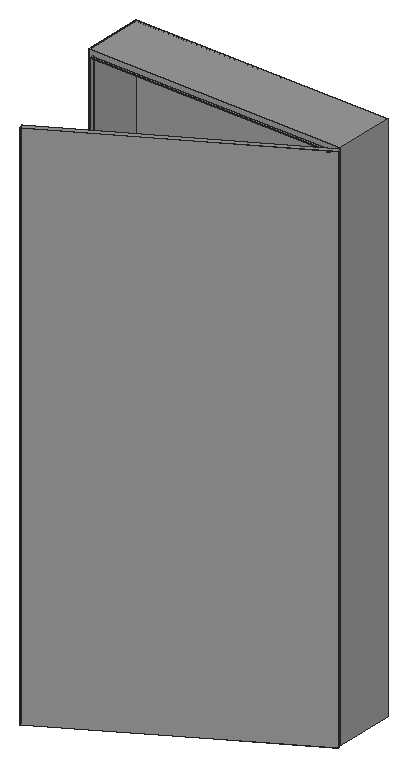
Revit family "Hager-Univers-IP54-D205-H1700-Cl.I-Encl-NoHosted-CH-it", category Electrical Equipment, Revit 2020
Family settings
  Panel Configuration = Two Columns, Circuits Across
  Round Connector Dimension = Use Diameter
  Part Type = Panelboard
  Work Plane-Based = Yes
  Always vertical = Yes
  Cut with Voids When Loaded = No
  Shared = No
  Room Calculation Point = No
Parameters (values of type "A parete IP54 L800 A1700 P205  - FP13TW2")
  Width Control [instance] = if([EF000008 - Larghezza] > Min Width, [EF000008 - Larghezza], Min Width)  # 800 mm
  Type Comments = [HG000003 - Gamma]  # "Univers"
  Thickness Door [instance] = if([EF009171 - spessore materiale porta/coperchio] > 3 mm, 3 mm, [EF009171 - spessore materiale porta/coperchio])  # 1 mm
  Seal Frame Offset [instance] = 17 mm  # constant formula
  Plinth Visibility [instance] = [HG000027 - Altezza dello zoccolo] > 0 mm  # no
  Min Width [instance] = 100 mm  # constant formula
  Min Depth [instance] = (2 * [EF009170 - spessore materiale scatola]) + 1 mm  # 3 mm
  Min Height [instance] = 100 mm  # constant formula
  Internal Frame Depth [instance] = (Door System Depth * 0.5)  # 9 mm
  Panel Name [instance] = ""  # (empty or 0)
  Model = ""
  HG000027 - Altezza dello zoccolo = 0 mm
  HG000026 - A pavimento = no
  HG000024 - Altezza della sezione inferiore = 600 mm
  HG000023 - Custodia a doppia sezione = no
  HG000016 - Visibilità delle porte nella vista 3D [instance] = yes
  HG000015 - Visibilità attraverso la porta [instance] = no
  HG000014 - Porta destra [instance] = yes
  HG000013 - Porta sinistra [instance] = not([HG000014 - Porta destra])  # no
  HG000012 - Angolo di apertura della porta [instance] = 30.00°
  HG000010 - Porte asimmetriche = no
  HG000009 - Porta doppia a battente = no
  HG000006 - Ad incasso = no
  HG000004 - Codice produttore = "FP13TW2"
  HG000003 - Gamma = "Univers"
  HG000002 - Con porta = yes
  Frame Offset Bottom [instance] = 10 mm  # constant formula
  Frame Offset [instance] = 15 mm  # constant formula
  EF015940 - Coprire con rilascio di sovrapressione = no
  EF011959 - tipo di protezione (NEMA) = ""
  EF009554 - numero delle aperture per la piastra della flangia = 6
  EF009212 - esecuzione coperchio = "EV000116 - chiuso"
  EF009171 - spessore materiale porta/coperchio = 1 mm
  EF009170 - spessore materiale scatola = 1 mm
  EF008873 - corrente nominale (In) = 400 A
  EF007800 - adatto per parafulmine = no
  EF006306 - con serratura = no
  EF006244 - coperchio/porta trasparente = no
  EF005474 - grado di protezione (IP) = "EV006419 - IP54"
  EF004464 - tipo di porta = "EV002646 - singolo"
  EF004427 - numero di moduli = 396
  EF004293 - resistenza agli urti = "EV006815 - IK09"
  EF003532 - adatto per uso esterno = no
  EF002950 - Numero moduli DIN = 36
  EF001613 - Integrità del circuito = "EV000494 - senza"
  EF001596 - Attacco Lampada = "EV000179 - acciaio"
  EF001131 - profondità interna = 205 mm
  EF001088 - possibilità di applicazione = yes
  EF000437 - numero di ingressi per conduttori = 6
  EF000339 - tipo di copertura = "EV001012 - coperchio"
  EF000266 - numero di file = 11
  EF000218 - profondità di incasso = 205 mm
  EF000118 - con piastra di montaggio = no
  EF000116 - numero RAL = "9010"
  EF000049 - profondità = 205 mm
  EF000040 - Altezza = 1700 mm
  EF000008 - Larghezza = 800 mm
  EF000007 - colore = "EV000202 - bianco"
  EF000003 - Tipo di montaggio = "EV000384 - A parete"
  Door System Leaf Tolerance [instance] = 1.5 mm  # constant formula
  Door System Depth [instance] = 18 mm  # constant formula
  Door Height [instance] = Height Control - [HG000027 - Altezza dello zoccolo]  # 1700 mm
  Description = ""
  Default Elevation = 1219.2 mm
  Connector Offset [instance] = Height Control / 2  # 850 mm
  Manufacturer = "Hager"  # constant formula
  Height Control [instance] = if([EF000040 - Altezza] > Min Height, [EF000040 - Altezza], Min Height)  # 1700 mm
  Depth Control [instance] = if([EF000049 - profondità] > Min Depth, [EF000049 - profondità], Min Depth)  # 205 mm
  Bottom Top Plate Trim [instance] = 1.5 mm  # constant formula
  Plinth height Ctrl [instance] = if([HG000027 - Altezza dello zoccolo] > 0 mm, [HG000027 - Altezza dello zoccolo], 12 mm)  # 12 mm
Types (5, lengths in mm): name | Width Control | HG000009 - Porta doppia a battente | HG000004 - Codice produttore | EF009554 - numero delle aperture per la piastra della flangia | EF008873 - corrente nominale (In) | EF004464 - tipo di porta | EF004427 - numero di moduli | EF002950 - Numero moduli DIN | EF000437 - numero di ingressi per conduttori | EF000008 - Larghezza
  A parete IP54 L1050 A1700 P205  - FP14TW2 | 1050 | yes | "FP14TW2" | 8 | 400 A | "EV003602 - doppio" | 528 | 48 | 8 | 1050
  A parete IP54 L1300 A1700 P205  - FP15TW2 | 1300 | no | "FP15TW2" | 10 | 400 A | "EV003602 - doppio" | 660 | 60 | 10 | 1300
  A parete IP54 L300 A1700 P205  - FP11TW2 | 300 | no | "FP11TW2" | 2 | 250 A | "EV002646 - singolo" | 132 | 12 | 2 | 300
  A parete IP54 L550 A1700 P205  - FP12TW2 | 550 | no | "FP12TW2" | 4 | 250 A | "EV002646 - singolo" | 264 | 24 | 4 | 550
  A parete IP54 L800 A1700 P205  - FP13TW2 | 800 | no | "FP13TW2" | 6 | 400 A | "EV002646 - singolo" | 396 | 36 | 6 | 800
Reference planes
  plane 1 "Center (Front/Back)": y = 0
  plane 2: z = 0
  plane 3 "Center (Left/Right)": x = 0
  plane 4: y = 0
  plane 5: y = 0
  plane 6: z = 0
  plane 7: x = -400
  plane 8: x = 400
  plane 9: x = 399
  plane 10: x = -399
  plane 11: z = 0
  plane 12: z = 1
  plane 13: y = -205
  plane 14: y = -1
  plane 15: x = 0
  plane 16: y = -187
  plane 17: y = -204
  plane 18: y = -186
  plane 19: x = -384
  plane 20: x = 384
  plane 21: z = 11
  plane 22: x = -383
  plane 23: x = 383
  plane 24: z = 0
  plane 25: z = 1700
  plane 26: z = 1700
  plane 27: z = 1684
  plane 28: z = 1699
Forms (mm)
  Extrusion 1, solid, material "Hager_Steel_RAL7035_Light_Grey", detail levels medium+fine
    sketch origin (-208.679, -4572, 0) x (-1, 0, 0) y (0, -1, 0)
      loop
        line (191.321, -4385) -> (-608.679, -4385) -> (-608.679, -4572) -> (191.321, -4572) -> (191.321, -4385)
    from 0 to 1700
  Extrusion 2, void
    sketch origin (-350.771, -205, 1219.2) x (1, 0, 0) y (0, 0, 1)
      loop
        line (-48.229, 479.8) -> (-48.229, -1218.2) -> (749.771, -1218.2) -> (749.771, 479.8) -> (-48.229, 479.8)
    from -19 to -204
  Extrusion 3, void
    sketch origin (-290.084, -187, 1219.2) x (1, 0, 0) y (0, 0, 1)
      loop
        line (-93.916, -1208.2) -> (674.084, -1208.2) -> (674.084, 464.8) -> (-93.916, 464.8) -> (-93.916, -1208.2)
    from 0 to -1
  Extrusion 4, solid, material "Hager_Steel_RAL7035_Light_Grey", visible <- "Plinth Visibility", detail levels medium+fine
    sketch origin (0, 0, 0) x (1, 0, 0) y (0, 1, 0)
      loop
        line (-400, 0) -> (-400, -187) -> (400, -187) -> (400, 0) -> (-400, 0)
    from 0 to 12 <- "Plinth height Ctrl"
  Extrusion 5, solid, material "Hager_Steel_RAL7035_Light_Grey", detail levels coarse
    sketch origin (0, 0, 0) x (1, 0, 0) y (0, 1, 0)
      loop
        line (-400, 0) -> (-400, -205) -> (400, -205) -> (400, 0) -> (-400, 0)
    from 0 to 1700 <- "Height Control"
  Sweep 6, void
    path in 3D
      loop
        line (-400, -187, 12) -> (400, -187, 12) -> (400, 0, 12) -> (-400, 0, 12) -> (-400, -187, 12)
    profile origin (-400, -93.5, 12) x (1, 0, 0) y (0, 0, 1)
      loop
        line (0, 0) -> (0, -1.5) -> (1.5, -1.5)
        arc (1.5, -1.5) -> (1.061, -0.439) -> (0, 0) r 1.5
  Extrusion 7, solid, material "Hager_Steel_RAL7035_Light_Grey", detail levels fine
    sketch origin (-400, -187, 0) x (1, 0, 0) y (0, 0, 1)
      loop
        line (16, 11) -> (784, 11) -> (784, 1684) -> (16, 1684) -> (16, 11)
      loop
        line (15, 10) -> (785, 10) -> (785, 1685) -> (15, 1685) -> (15, 10)
    from 0 to 9 <- "Internal Frame Depth"
Cuts and joins
  Extrusion 2, Extrusion 3 cuts Extrusion 1
  Sweep 6 cuts Extrusion 4
Lines and regions (mm)
  Masking region 1
    outline origin (0, 0, 0) x (1, 0, 0) y (0, 1, 0)
      loop
        line (-400, 0) -> (-400, -205) -> (400, -205) -> (400, 0) -> (-400, 0)
  Masking region 2, detail levels coarse
    outline origin (-290.084, -187, 1219.2) x (-1, 0, 0) y (0, 0, 1)
      loop
        line (-690.084, -1219.2) -> (109.916, -1219.2) -> (109.916, 480.8) -> (-690.084, 480.8) -> (-690.084, -1219.2)
  Masking region 3, detail levels coarse
    outline origin (0, 0, 0) x (0, 1, 0) y (0, 0, 1)
      loop
        line (0, 0) -> (0, 1700) -> (-205, 1700) -> (-205, 0) -> (0, 0)
  Masking region 4, visible <- "Plinth Visibility", detail levels medium+fine
    outline origin (0, 0, 0) x (0, 1, 0) y (0, 0, 1)
      loop
        line (-1.5, 12) -> (-185.5, 12)
        arc (-185.5, 12) -> (-185.939, 10.939) -> (-187, 10.5) r 1.5
        line (-187, 10.5) -> (-187, 0) -> (0, 0) -> (0, 10.5)
        arc (0, 10.5) -> (-1.061, 10.939) -> (-1.5, 12) r 1.5
  Masking region 5, detail levels medium+fine
    outline origin (0, 0, 594.038) x (0, 1, 0) y (0, 0, 1)
      loop
        line (0, -594.038) -> (0, 1105.962) -> (-187, 1105.962) -> (-187, -594.038) -> (0, -594.038)
  Masking region 6, detail levels medium+fine
    outline origin (-359.7, -187, 1211.883) x (-1, 0, 0) y (0, 0, 1)
      loop
        line (-759.7, -1211.883) -> (40.3, -1211.883) -> (40.3, 488.117) -> (-759.7, 488.117) -> (-759.7, -1211.883)
  Masking region 7, visible <- "Plinth Visibility", detail levels medium+fine
    outline origin (-320.334, -187, 1041.368) x (-1, 0, 0) y (0, 0, 1)
      loop
        line (-720.334, -1041.368) -> (79.666, -1041.368) -> (79.666, -1030.868)
        arc (79.666, -1030.868) -> (78.606, -1030.429) -> (78.166, -1029.368) r 1.5
        line (78.166, -1029.368) -> (-718.834, -1029.368)
        arc (-718.834, -1029.368) -> (-719.273, -1030.429) -> (-720.334, -1030.868) r 1.5
        line (-720.334, -1030.868) -> (-720.334, -1041.368)
  sketch lines
    curve 1: line (-400, 0, 12) -> (-400, -187, 12)
    curve 2: line (-400, -187, 12) -> (400, -187, 12)
    curve 3: line (400, 0, 12) -> (-400, 0, 12)
    curve 4: line (400, -187, 12) -> (400, 0, 12)
Dimensions and locks
  locked: plane 1 "Center (Front/Back)" to plane 5
  "EF009170 - spessore materiale scatola": plane 7 to plane 10
  "EF009170 - spessore materiale scatola": plane 8 to plane 9
  equal spacing: plane 7, plane 3 "Center (Left/Right)", plane 8
  "Width Control": plane 7 to plane 8
  "Depth Control": plane 4 to plane 13
  "EF009170 - spessore materiale scatola": plane 4 to plane 14
  "Height Control": plane 25 to level
  "HG000027 - Altezza dello zoccolo": plane 11 to level
  "EF009170 - spessore materiale scatola": plane 12 to plane 11
  "EF009170 - spessore materiale scatola": plane 17 to plane 13
  "EF009170 - spessore materiale scatola": plane 18 to plane 16
  "Frame Offset Bottom": plane 21 to plane 12
  "Frame Offset": plane 10 to plane 19
  "Frame Offset": plane 9 to plane 20
  "Door System Depth": plane 16 to plane 13
  "Seal Frame Offset": plane 7 to plane 22
  "Seal Frame Offset": plane 8 to plane 23
  "EF009170 - spessore materiale scatola": plane 26 to plane 28
  "Frame Offset": plane 28 to plane 27
  "Connector Offset": plane 2 to connector elem
  "Bottom Top Plate Trim": profile plane to Sweep 6 sketch curve
  "Bottom Top Plate Trim": Sweep 6 sketch curve to Sweep 6 sketch curve
  "Plinth height Ctrl": Masking region 4 sketch curve to level
  "Plinth height Ctrl": Masking region 7 sketch curve to level
  "Thickness Door": Extrusion 7 sketch curve to Extrusion 7 sketch curve  (x4)
  "Bottom Top Plate Trim": radius of Sweep 6 sketch curve
  "Bottom Top Plate Trim": radius of Masking region 4 sketch curve  (x2)
  "Bottom Top Plate Trim": radius of Masking region 7 sketch curve  (x2)
  aligned and locked: Extrusion 2 sketch curve to plane 12
  aligned and locked: Extrusion 2 sketch curve to plane 9
  aligned and locked: Extrusion 2 sketch curve to plane 10
  aligned and locked: Extrusion 2 to plane 14
  aligned and locked: Extrusion 1 sketch curve to plane 4
  aligned and locked: plane 8 to Extrusion 1 sketch curve
  aligned and locked: plane 7 to Extrusion 1 sketch curve
  aligned and locked: Extrusion 2 to plane 18
  aligned and locked: Extrusion 3 sketch curve to plane 19
  aligned and locked: plane 20 to Extrusion 3 sketch curve
  aligned and locked: Extrusion 3 to Extrusion 2
  aligned and locked: Extrusion 3 sketch curve to plane 21
  aligned and locked: plane 3 "Center (Left/Right)" to nested 1
  aligned and locked: Extrusion 1 sketch curve to plane 16
  aligned and locked: Extrusion 4 sketch curve to cut or joined group of Extrusion 1, Extrusion 2, Extrusion 3
  aligned and locked: Masking region 1 sketch curve to plane 7
  aligned and locked: Masking region 1 sketch curve to plane 5
  aligned and locked: Masking region 1 sketch curve to plane 8
  aligned and locked: Masking region 2 sketch curve to level
  aligned and locked: level to Masking region 3 sketch curve
  aligned and locked: plane 1 "Center (Front/Back)" to Masking region 3 sketch curve
  aligned and locked: plane 13 to Masking region 3 sketch curve
  aligned and locked: plane 5 to Masking region 4 sketch curve
  aligned and locked: Masking region 2 sketch curve to plane 8
  aligned and locked: Masking region 2 sketch curve to plane 7
  aligned and locked: plane 7 to nested 2
  aligned and locked: nested 2 to plane 5
  aligned and locked: plane 5 to Masking region 5 sketch curve
  aligned and locked: plane 26 to Masking region 5 sketch curve
  aligned and locked: Extrusion 5 sketch curve to plane 8
  aligned and locked: Extrusion 5 sketch curve to plane 7
  aligned and locked: Extrusion 5 sketch curve to plane 5
  aligned and locked: Extrusion 3 sketch curve to plane 27
  aligned and locked: Extrusion 2 sketch curve to plane 28
  aligned and locked: Masking region 2 to plane 25
  aligned and locked: Extrusion 4 to plane 16
  aligned and locked: profile plane to Sweep 6 sketch curve
  aligned and locked: Masking region 5 sketch curve to plane 24
  aligned and locked: level to Masking region 4 sketch curve
  aligned and locked: Masking region 1 to plane 13
  aligned and locked: nested 1 to plane 16
  aligned and locked: Masking region 3 to plane 25
  aligned and locked: plane 16 to Masking region 4 sketch curve
  aligned and locked: Masking region 5 sketch curve to plane 16
  aligned and locked: plane 24 to plane 11
  aligned and locked: plane 26 to plane 25
  aligned and locked: plane 26 to cut or joined group of Extrusion 1, Extrusion 2, Extrusion 3
  aligned and locked: nested 1 to plane 24
  aligned and locked: Extrusion 1 to Extrusion 3
  aligned and locked: Masking region 6 sketch curve to plane 8
  aligned and locked: Masking region 6 sketch curve to plane 24
  aligned and locked: Masking region 6 sketch curve to plane 7
  aligned and locked: Masking region 6 sketch curve to plane 26
  aligned and locked: Masking region 7 sketch curve to plane 7
  aligned and locked: level to Masking region 7 sketch curve
  aligned and locked: Masking region 7 sketch curve to plane 8
  aligned and locked: Extrusion 7 sketch curve to cut or joined group of Extrusion 1, Extrusion 2, Extrusion 3  (x4)
Automatic sketch dimensions
  plane 19 to Extrusion 3 sketch curve = 0 mm
  Extrusion 3 sketch curve to plane 20 = 0 mm
  Extrusion 3 sketch curve to plane 21 = 0 mm
  Extrusion 4 sketch curve to plane 7 = 0 mm
  Extrusion 4 sketch curve to plane 8 = 0 mm
  Extrusion 4 sketch curve to plane 16 = 0 mm
  Masking region 1 sketch curve to plane 13 = 0 mm
  Masking region 2 sketch curve to plane 25 = 0 mm
  Masking region 3 sketch curve to plane 25 = 0 mm
  Extrusion 5 sketch curve to plane 13 = 0 mm
  profile plane to Sweep 6 sketch curve = 0 mm
Nested families
  nested 1: "EC000058_Univers_Door" at (0, -187, 0), Double <- "HG000009 - Porta doppia a battente", Transparent <- "EF006244 - coperchio/porta trasparente", Angle <- "HG000012 - Angolo di apertura della porta", Door_Right <- "HG000014 - Porta destra", Assymetrical <- "HG000010 - Porte asimmetriche", Door <- "HG000002 - Con porta", Width_Ctrl <- "Width Control", 3d_Door <- "HG000016 - Visibilità delle porte nella vista 3D", Clearance <- "HG000015 - Visibilità attraverso la porta", Door_Left <- "HG000013 - Porta sinistra", Width <- "Width Control", Door_Depth <- "Door System Depth", Leaf_Tolerance <- "Door System Leaf Tolerance", Height <- "Door Height", Lock_Visibility <- "EF006306 - con serratura", Thickness <- "Thickness Door", type "EC000058_Univers_Door", detail levels medium+fine
    with min_wh 3 mm, Width_Ctrl 800 mm, Width 800 mm, Transparent no, Thickness 1 mm, Seal_Material Hager_Rubber, Lock_Visibility no, Lock_Material Hager_Plastic_RAL9005_Jet_Black, Leaf_Width 800 mm, Leaf_Tolerance_External_Sides 0 mm, Leaf_Tolerance 1.5 mm, Leaf_Offset 0 mm, Leaf_Height 1697 mm, Leaf_2_Width 800 mm, Leaf_2_Offset 400 mm, Leaf_1_Width 800 mm, Leaf_1_Offset 400 mm, Height_Ctrl 1700 mm, Height 1700 mm, Glass_Material Hager_Glass, Double_Clearance_Ctrl no, Double no, Door_Right_Ctrl yes, Door_Right yes, Door_Material Hager_Steel_RAL7035_Light_Grey, Door_Left_Ctrl no, Door_Left no, Door_Depth 18 mm, Door yes, Clearance_Material Hager_Clearance, Clearance_Depth 800 mm, Clearance_Ctrl no, Clearance no, Assymetrical no, Angle 30.00°, 3d_Door yes
  nested 2: "Hager_Enclosure_Symbol" at (-400, 0, 0), Height <- "Depth Control", Width <- "Width Control", type "Hager_Enclosure_Symbol"
    with Width_Ctrl 800 mm, Width 800 mm, Height_Ctrl 205 mm, Height 205 mm, A_Width_Int 13.453 mm, A_Width 161.438 mm, A_Height_Ctrl 179.375 mm, A_Height 179.375 mm
Connectors
  electrical at (0, 0, 850)
    settings: on plane 1 "Center (Front/Back)", index 1, voltage 0 V, apparent load 0 VA, apparent load phase1 0 VA, apparent load phase2 0 VA, apparent load phase3 0 VA, power factor 1, load classification "Other", number of poles 1, system type 30, power factor state 1, is connector primary yes, connector utility no, sub classification motor no, connector description ""
Definition of nested family "EC000058_Univers_Door"
  Parameters (values of type "EC000058_Univers_Door")
    min_wh [instance] = (2 * Thickness) + 1 mm  # 11 mm
    Width_Ctrl [instance] = 400 mm
    Width [instance] = 500 mm
    Transparent [instance] = yes
    Thickness [instance] = 5 mm
    Seal_Material [instance] = none
    Lock_Visibility [instance] = yes
    Lock_Material [instance] = none
    Leaf_Width [instance] = if((Width_Ctrl - 2 * Leaf_Tolerance_External_Sides) > 0 mm, (Width_Ctrl - 2 * Leaf_Tolerance_External_Sides), min_wh)  # 400 mm
    Leaf_Tolerance_External_Sides [instance] = 0 mm  # constant formula
    Leaf_Tolerance [instance] = 1.5 mm
    Leaf_Offset [instance] = 0 mm  # constant formula
    Leaf_Height [instance] = if((Height_Ctrl - 2 * Leaf_Tolerance) > 0 mm, (Height_Ctrl - 2 * Leaf_Tolerance), min_wh)  # 497 mm
    Leaf_2_Width [instance] = if(and(and(Double, Assymetrical), Door_Left), (Leaf_Width / 3) - (Leaf_Tolerance / 2), if(and(and(Double, Assymetrical), Door_Right), (Leaf_Width / 3) * 2 - (Leaf_Tolerance / 2), if(and(Double, not(Assymetrical)), (Leaf_Width / 2) - Leaf_Tolerance, Leaf_Width)))  # 400 mm
    Leaf_2_Offset [instance] = if(and(Double, Assymetrical), Leaf_2_Width / 2, if(and(Double, not(Assymetrical)), Leaf_Width / 4, Leaf_Width / 2))  # 200 mm
    Leaf_1_Width [instance] = if(and(and(Double, Assymetrical), Door_Right), (Leaf_Width / 3) - (Leaf_Tolerance / 2), if(and(and(Double, Assymetrical), Door_Left), (Width / 3) * 2 - (Leaf_Tolerance / 2), if(and(Double, not(Assymetrical)), (Leaf_Width / 2) - Leaf_Tolerance, Leaf_Width)))  # 400 mm
    Leaf_1_Offset [instance] = if(and(Double, Assymetrical), Leaf_1_Width / 2, if(and(Double, not(Assymetrical)), Leaf_Width / 4, Leaf_Width / 2))  # 200 mm
    Height_Ctrl [instance] = if(Height > min_wh, Height, min_wh)  # 500 mm
    Height [instance] = 500 mm
    Glass_Material [instance] = none
    Double_Clearance_Ctrl [instance] = and(Double, Clearance)  # no
    Double [instance] = no
    Door_Right_Ctrl [instance] = and(or(Door_Right, Double), Door)  # yes
    Door_Right [instance] = yes
    Door_Material [instance] = none
    Door_Left_Ctrl [instance] = and(or(Door_Left, Double), Door)  # no
    Door_Left [instance] = no
    Door_Depth [instance] = 30 mm
    Door [instance] = yes
    Default Elevation = 1219.2 mm
    Clearance_Material [instance] = none
    Clearance_Depth [instance] = if(Leaf_1_Width > Leaf_2_Width, Leaf_1_Width, Leaf_2_Width)  # 400 mm
    Clearance_Ctrl [instance] = and(not(Double), Clearance)  # yes
    Clearance [instance] = yes
    Assymetrical [instance] = yes
    Angle [instance] = 30.00°
    3d_Door [instance] = yes
  Reference planes
    plane 1 "Center (Front/Back)": y = 0
    plane 2 "Bottom": z = 0
    plane 3 "Center (Left/Right)": x = 0
    plane 4: z = 500
    plane 5: x = -200
    plane 6: x = 200
    plane 7: z = 500
    plane 8: x = -200
    plane 9: z = 0
    plane 10: x = 200
    plane 11: y = 0
    plane 12: z = 1.5
    plane 13: x = -600
    plane 14: y = -400
    plane 15: x = 600
    plane 16: x = 0
    plane 17: x = 0
    plane 18: x = -200
    plane 19: x = 200
    plane 20: z = 498.5
  Forms (mm)
    Extrusion 1, solid, material <- "Clearance_Material", visible <- "Double_Clearance_Ctrl"
      sketch origin (1200, 0, 0) x (1, 0, 0) y (0, 0, -1)
        loop
          line (-1800, -498.5) -> (-600, -498.5) -> (-600, 0) -> (-1800, 0) -> (-1800, -498.5)
      from 0 to -400
  Dimensions and locks
    equal spacing: plane 5, plane 3 "Center (Left/Right)", plane 6
    "Width_Ctrl": plane 5 to plane 6
    "Leaf_Offset": plane 5 to plane 8
    "Leaf_Offset": plane 6 to plane 10
    "Leaf_Offset": plane 9 to level
    "Leaf_Offset": plane 4 to plane 7
    "Height_Ctrl": plane 4 to level
    "Leaf_Tolerance": plane 12 to plane 9
    locked: plane 11 to plane 1 "Center (Front/Back)"
    "Leaf_1_Offset": plane 18 to plane 16
    "Leaf_2_Offset": plane 17 to plane 19
    "Leaf_1_Width": plane 13 to plane 8
    "Leaf_2_Width": plane 10 to plane 15
    "Clearance_Depth": plane 14 to plane 1 "Center (Front/Back)"
    "Leaf_Tolerance_External_Sides": plane 8 to plane 18
    "Leaf_Tolerance_External_Sides": plane 19 to plane 10
    "Leaf_Tolerance": plane 7 to plane 20
    aligned and locked: level to plane 2 "Bottom"
    aligned and locked: nested 1 to plane 16
    aligned and locked: nested 2 to plane 17
    aligned and locked: Extrusion 1 to plane 13
    aligned and locked: plane 15 to Extrusion 1
    aligned and locked: Extrusion 1 to plane 14
    aligned and locked: plane 12 to nested 1
    aligned and locked: nested 2 to plane 12
    aligned and locked: Extrusion 1 to plane 11
    aligned and locked: plane 20 to Extrusion 1
    aligned and locked: nested 2 to plane 11
    aligned and locked: nested 1 to plane 11
  Automatic sketch dimensions
    Extrusion 1 sketch curve to level = 0 mm
    plane 5 to Extrusion 1 sketch curve = 400 mm
    plane 6 to Extrusion 1 sketch curve = 400 mm
    Extrusion 1 sketch curve to plane 4 = 1.5 mm
  Nested families
    nested 1: "EC000058_Univers_Door_Leaf" at (0, 0, 1.5), Width <- "Leaf_1_Width", visible <- "Door_Left_Ctrl", Leaf_Height <- "Leaf_Height", Angle <- "Angle", 3d_Door <- "3d_Door", Transparent <- "Transparent", Clearance Material <- "Clearance_Material", Clearance <- "Clearance_Ctrl", Door_Material <- "Door_Material", Glass_Material <- "Glass_Material", Door_Depth <- "Door_Depth", Lock_Material <- "Lock_Material", Seal_Material <- "Seal_Material", Lock_Visibility <- "Lock_Visibility", Thickness <- "Thickness", type "EC000058_Univers_Door_Leaf"
      with Width 400 mm, Transparent_Glass_Offset 30 mm, Transparent_Ctrl yes, Transparent yes, Thickness 5 mm, Standard no, Seal_Material none, Seal_D2 8 mm, Seal_D1 1 mm, Offset_Internal_Frame 10 mm, Lock_Width 20 mm, Lock_Visibility_3d yes, Lock_Visibility yes, Lock_Thickness_3 3 mm, Lock_Thickness_2 1 mm, Lock_Thickness_1 3 mm, Lock_Radius_Offset_2 16 mm, Lock_Radius_Offset_1 15 mm, Lock_Radius_2 5 mm, Lock_Radius 6 mm, Lock_Offset 5 mm, Lock_Material none, Lock_Height 80 mm, Lock_Cover_Top_Offset_2d 17 mm, Lock_Cover_Height -65 mm, Leaf_Height 497 mm, Internal_Seal_Thickness 8 mm, Internal_Seal_Depth_2 4.5 mm, Internal_Frame_Depth 25 mm, Glass_Thickness -1 mm, Glass_Offset -2 mm, Glass_Material none, Door_Material none, Door_Depth 30 mm, Clearance Material none, Clearance yes, Angle_Ctrl 30.00°, Angle 30.00°, 3d_Door yes
    nested 2: "EC000058_Univers_Door_Leaf" at (0, 0, 1.5) x (-1, 0, 0) z (0, 0, 1), Width <- "Leaf_2_Width", visible <- "Door_Right_Ctrl", Leaf_Height <- "Leaf_Height", Angle <- "Angle", 3d_Door <- "3d_Door", Transparent <- "Transparent", Clearance Material <- "Clearance_Material", Clearance <- "Clearance_Ctrl", Door_Material <- "Door_Material", Glass_Material <- "Glass_Material", Door_Depth <- "Door_Depth", Lock_Material <- "Lock_Material", Seal_Material <- "Seal_Material", Lock_Visibility <- "Lock_Visibility", Thickness <- "Thickness", type "EC000058_Univers_Door_Leaf"
      with Width 400 mm, Transparent_Glass_Offset 30 mm, Transparent_Ctrl yes, Transparent yes, Thickness 5 mm, Standard no, Seal_Material none, Seal_D2 8 mm, Seal_D1 1 mm, Offset_Internal_Frame 10 mm, Lock_Width 20 mm, Lock_Visibility_3d yes, Lock_Visibility yes, Lock_Thickness_3 3 mm, Lock_Thickness_2 1 mm, Lock_Thickness_1 3 mm, Lock_Radius_Offset_2 16 mm, Lock_Radius_Offset_1 15 mm, Lock_Radius_2 5 mm, Lock_Radius 6 mm, Lock_Offset 5 mm, Lock_Material none, Lock_Height 80 mm, Lock_Cover_Top_Offset_2d 17 mm, Lock_Cover_Height -65 mm, Leaf_Height 497 mm, Internal_Seal_Thickness 8 mm, Internal_Seal_Depth_2 4.5 mm, Internal_Frame_Depth 25 mm, Glass_Thickness -1 mm, Glass_Offset -2 mm, Glass_Material none, Door_Material none, Door_Depth 30 mm, Clearance Material none, Clearance yes, Angle_Ctrl 30.00°, Angle 30.00°, 3d_Door yes
  Definition of nested family "EC000058_Univers_Door_Leaf"
    Parameters (values of type "EC000058_Univers_Door_Leaf")
      Width [instance] = 2000 mm
      Transparent_Glass_Offset [instance] = 30 mm
      Transparent_Ctrl [instance] = and(Transparent, [3d_Door])  # yes
      Transparent [instance] = yes
      Thickness [instance] = 5 mm
      Standard [instance] = and(not(Transparent), [3d_Door])  # no
      Seal_Material [instance] = none
      Seal_D2 [instance] = 8 mm  # constant formula
      Seal_D1 [instance] = 1 mm  # constant formula
      Offset_Internal_Frame [instance] = 10 mm  # constant formula
      Lock_Width [instance] = 20 mm  # constant formula
      Lock_Visibility_3d [instance] = and(Lock_Visibility, [3d_Door])  # yes
      Lock_Visibility [instance] = yes
      Lock_Thickness_3 [instance] = 3 mm  # constant formula
      Lock_Thickness_2 [instance] = 1 mm  # constant formula
      Lock_Thickness_1 [instance] = 3 mm  # constant formula
      Lock_Radius_Offset_2 [instance] = Lock_Radius_Offset_1 + 1 mm  # 16 mm
      Lock_Radius_Offset_1 [instance] = 15 mm  # constant formula
      Lock_Radius_2 [instance] = Lock_Radius - 1 mm  # 5 mm
      Lock_Radius [instance] = 6 mm  # constant formula
      Lock_Offset [instance] = 5 mm  # constant formula
      Lock_Material [instance] = none
      Lock_Height [instance] = 80 mm  # constant formula
      Lock_Cover_Top_Offset_2d [instance] = Lock_Radius_Offset_2 + 1 mm  # 17 mm
      Lock_Cover_Height [instance] = -(Lock_Height - Lock_Radius_Offset_1)  # -65 mm
      Leaf_Height [instance] = 2720.336 mm
      Internal_Seal_Thickness [instance] = 8 mm  # constant formula
      Internal_Seal_Depth_2 [instance] = 4.5 mm  # constant formula
      Internal_Frame_Depth [instance] = if(Door_Depth - Thickness > 5 mm, Door_Depth - Thickness, 5 mm)  # 25 mm
      Glass_Thickness [instance] = if(Thickness > 15 mm, Glass_Offset + 10 mm, -1 mm)  # -1 mm
      Glass_Offset [instance] = if(Thickness > 15 mm, -(Thickness + 10 mm) / 2, -2 mm)  # -2 mm
      Glass_Material [instance] = none
      Door_Material [instance] = none
      Door_Depth [instance] = 30 mm
      Default Elevation = 0 mm
      Clearance Material [instance] = none
      Clearance [instance] = yes
      Angle_Ctrl [instance] = if(Angle > 180.00°, 180.00°, Angle)  # 90.00°
      Angle [instance] = 90.00°
      3d_Door [instance] = yes
    Reference planes
      plane 1 "Center (Front/Back)": y = 0
      plane 2: z = 0
      plane 3 "Center (Left/Right)": x = 0
      plane 4: y = 2000
      plane 5: x = -1000
      plane 6: x = 1000
      plane 7: x = -3000
      plane 8: z = 2720.336
      plane 9: z = 30
      plane 10: z = 2690.336
      plane 11: x = 970
      plane 12: x = -970
      plane 13: y = -3
      plane 14: z = 107.833
      plane 15: y = -5
      plane 16: y = -223.314
      plane 17: x = -1000
      plane 18: z = 1360.168
      plane 19: y = 30
    Forms (mm)
      Extrusion 1, solid, material <- "Clearance Material", visible <- "Clearance"
        sketch origin (0, 0, 0) x (1, 0, 0) y (0, 0, 1)
          loop
            line (-3000, 2720.336) -> (-3000, 0) -> (1000, 0) -> (1000, 2720.336) -> (-3000, 2720.336)
        from 0 to -2000
      Extrusion 2, solid, material <- "Door_Material", visible <- "Standard", detail levels medium+fine
        sketch origin (-1000, 0, 0) x (0, 1, 0) y (-1, 0, 0)
          loop
            line (0, 30) -> (0, 25) -> (2000, 25) -> (2000, 30) -> (0, 30)
        from 0 to 2720.336 <- "Leaf_Height"
      Extrusion 3, solid, material <- "Door_Material", visible <- "Transparent_Ctrl", detail levels medium+fine
        sketch origin (-1000, 0, 0) x (0, 1, 0) y (-1, 0, 0)
          loop
            line (0, 25) -> (2000, 25) -> (2000, 30) -> (0, 30) -> (0, 25)
        from 0 to 2720.336 <- "Leaf_Height"
      Extrusion 4, void
        sketch origin (-1025, 2000, 0) x (0, 1, 0) y (0, 0, -1)
          loop
            line (-30, -2690.336) -> (-30, -30) -> (-1970, -30) -> (-1970, -2690.336) -> (-30, -2690.336)
        from 0 to 5 <- "Thickness"
      Sweep 5, solid, material <- "Seal_Material", visible <- "Transparent_Ctrl", detail levels fine
        path in 3D
          loop
            line (-1025, 30, 30) -> (-1025, 30, 2690.336) -> (-1025, 1970, 2690.336) -> (-1025, 1970, 30) -> (-1025, 30, 30)
        profile origin (-1025, 1000, 30) x (1, 0, 0) y (0, 0, 1)
          loop
            line (0, 0) -> (0, -8) -> (1, -8) -> (1, 0) -> (0, 0)
      Extrusion 6, solid, material <- "Glass_Material", visible <- "Transparent_Ctrl", detail levels medium+fine
        sketch origin (-1030, 0, 0) x (0, 1, 0) y (0, 0, -1)
          loop
            line (1970, -2690.336) -> (1970, -30) -> (30, -30) -> (30, -2690.336) -> (1970, -2690.336)
        from -2 <- "Glass_Offset" to -1 <- "Glass_Thickness"
      Extrusion 7, solid, material <- "Door_Material", visible <- "3d_Door", detail levels medium+fine
        sketch origin (-1025, 2000, 0) x (0, -1, 0) y (0, 0, -1)
          loop
            line (0, -2720.336) -> (2000, -2720.336) -> (2000, 0) -> (0, 0) -> (0, -2720.336)
          loop
            line (1995, -5) -> (5, -5) -> (5, -2715.336) -> (1995, -2715.336) -> (1995, -5)
        from 0 to 25 <- "Internal_Frame_Depth"
      Sweep 8, solid, material <- "Seal_Material", visible <- "Transparent_Ctrl", detail levels fine
        path in 3D
          loop
            line (-1025, 0, 0) -> (-1025, 2000, 0) -> (-1025, 2000, 2720.336) -> (-1025, 0, 2720.336) -> (-1025, 0, 0)
        profile origin (-1025, 0, 1360.168) x (1, 0, 0) y (0, 1, 0)
          loop
            line (0, 10) -> (2.975, 10)
            arc (2.975, 10) -> (4.053, 10.447) -> (4.5, 11.525) r 1.525
            line (4.5, 11.525) -> (4.5, 16.527)
            arc (4.5, 16.527) -> (4.069, 17.569) -> (3.027, 18) r 1.473
            line (3.027, 18) -> (0, 18) -> (0, 10)
      Extrusion 9, solid, material <- "Lock_Material", visible <- "Lock_Visibility_3d", detail levels fine
        sketch origin (-1030, 0, 0) x (0, 1, 0) y (0, 0, -1)
          loop
            arc (1993.5, -1400.168) -> (1994.561, -1399.729) -> (1995, -1398.668) r 1.5
            line (1995, -1398.668) -> (1995, -1320.168) -> (1975, -1320.168) -> (1975, -1398.668)
            arc (1975, -1398.668) -> (1975.439, -1399.729) -> (1976.5, -1400.168) r 1.5
            line (1976.5, -1400.168) -> (1993.5, -1400.168)
        from 3 <- "Lock_Thickness_1" to 0
      Blend 10, solid, material <- "Lock_Material", visible <- "Lock_Visibility_3d", detail levels fine
        base sketch origin (-1033, 0, 0) x (0, 1, 0) y (0, 0, -1)
          loop
            line (1975, -1320.168) -> (1975, -1398.668)
            arc (1975, -1398.668) -> (1975.439, -1399.729) -> (1976.5, -1400.168) r 1.5
            line (1976.5, -1400.168) -> (1993.5, -1400.168)
            arc (1993.5, -1400.168) -> (1994.561, -1399.729) -> (1995, -1398.668) r 1.5
            line (1995, -1398.668) -> (1995, -1320.168) -> (1975, -1320.168)
        top sketch origin (-1033, 0, 0) x (0, 1, 0) y (0, 0, -1)
          loop
            line (1976, -1320.168) -> (1976, -1398.668)
            arc (1976, -1398.668) -> (1976.146, -1399.022) -> (1976.5, -1399.168) r 0.5
            line (1976.5, -1399.168) -> (1993.5, -1399.168)
            arc (1993.5, -1399.168) -> (1993.854, -1399.022) -> (1994, -1398.668) r 0.5
            line (1994, -1398.668) -> (1994, -1320.168) -> (1976, -1320.168)
        from 0 to 1 <- "Lock_Thickness_2"
      Blend 11, solid, material <- "Lock_Material", visible <- "Lock_Visibility_3d", detail levels fine
        base sketch origin (-1034, 0, 0) x (0, 1, 0) y (0, 0, -1)
          loop
            line (1978, -1320.168) -> (1978, -1384.168)
            arc (1978, -1384.168) -> (1985, -1391.168) -> (1992, -1384.168) r 7
            line (1992, -1384.168) -> (1992, -1320.168) -> (1978, -1320.168)
        top sketch origin (-1034, 0, 0) x (0, 1, 0) y (0, 0, -1)
          loop
            line (1991, -1320.168) -> (1979, -1320.168) -> (1979, -1383.168)
            arc (1979, -1383.168) -> (1985, -1389.168) -> (1991, -1383.168) r 6
            line (1991, -1383.168) -> (1991, -1320.168)
        from 0 to 3 <- "Lock_Thickness_3"
      Extrusion 12, solid, material <- "Lock_Material", visible <- "Lock_Visibility_3d", detail levels fine
        sketch origin (-1030, 1975, 1320.168) x (1, 0, 0) y (0, -1, 0)
          loop
            line (-7, -19) -> (-7, -1) -> (0, -1) -> (0, 0) -> (-8, 0) -> (-8, -20) -> (0, -20) -> (0, -19) -> (-7, -19)
        from 0 to -65 <- "Lock_Cover_Height"
      Extrusion 13, void
        sketch origin (-1038, 1995, 1320.168) x (-1, 0, 0) y (0, 0, -1)
          loop
            line (-5, -65) -> (0, -65) -> (-5, -60) -> (-5, -65)
        from 0 to 20 <- "Lock_Width"
      Extrusion 14, void
        sketch origin (-1038, 1975, 1320.168) x (0, -1, 0) y (0, 0, -1)
          loop
            circle (-10, -15.995) r 6
          loop
            circle (-10, -15.995) r 5
        from 0 to 2
      Extrusion 15, solid, material <- "Lock_Material", visible <- "Lock_Visibility_3d", detail levels medium
        sketch origin (-1030, 0, 0) x (0, 1, 0) y (0, 0, -1)
          loop
            arc (1993.5, -1400.168) -> (1994.561, -1399.729) -> (1995, -1398.668) r 1.5
            line (1995, -1398.668) -> (1995, -1320.168) -> (1975, -1320.168) -> (1975, -1398.668)
            arc (1975, -1398.668) -> (1975.439, -1399.729) -> (1976.5, -1400.168) r 1.5
            line (1976.5, -1400.168) -> (1993.5, -1400.168)
        from 8 to 0
    Cuts and joins
      Extrusion 4 cuts Extrusion 3
      Extrusion 13, Extrusion 14 cuts Extrusion 9
      Extrusion 14 cuts Blend 11
      Extrusion 13, Extrusion 14 cuts Extrusion 12
      joined: Extrusion 9, Blend 10, Blend 11, Extrusion 12
      Extrusion 14 cuts Extrusion 15
    Lines and regions (mm)
      Masking region 1, visible <- "Lock_Visibility", detail levels fine
        outline origin (0, 0, 0) x (0, 1, 0) y (0, 0, 1)
          loop
            line (30, 1320.168) -> (33, 1320.168) -> (33, 1400.168) -> (30, 1400.168) -> (30, 1320.168)
      Masking region 2, visible <- "Lock_Visibility", detail levels fine
        outline origin (0, 3.143, 0) x (0, 1, 0) y (0, 0, 1)
          loop
            line (29.857, 1354.168) -> (30.857, 1354.168) -> (30.857, 1366.168) -> (29.857, 1366.168) -> (29.857, 1354.168)
      Masking region 3, detail levels medium+fine
        outline origin (0, 0, 0) x (0, 1, 0) y (0, 0, 1)
          loop
            line (0, 0) -> (30, 0) -> (30, 2720.336) -> (0, 2720.336) -> (0, 0)
      Masking region 4, detail levels medium+fine
        outline origin (0, 0, 0) x (1, 0, 0) y (0, 0, 1)
          loop
            line (-1000, 2720.336) -> (-1000, 0) -> (1000, 0) -> (1000, 2720.336) -> (-1000, 2720.336)
      Masking region 5, visible <- "Lock_Visibility", detail levels fine
        outline origin (-47.116, 0, 0) x (1, 0, 0) y (0, 0, 1)
          loop
            arc (1024.616, 1399.168) -> (1023.556, 1398.729) -> (1023.116, 1397.668) r 1.5
            line (1023.116, 1397.668) -> (1023.116, 1320.168) -> (1041.116, 1320.168) -> (1041.116, 1397.668)
            arc (1041.116, 1397.668) -> (1040.677, 1398.729) -> (1039.616, 1399.168) r 1.5
            line (1039.616, 1399.168) -> (1024.616, 1399.168)
      Masking region 6, visible <- "Lock_Visibility", detail levels medium+fine
        outline origin (-25, 0, 0) x (1, 0, 0) y (0, 0, 1)
          loop
            arc (1001.5, 1400.168) -> (1000.439, 1399.729) -> (1000, 1398.668) r 1.5
            line (1000, 1398.668) -> (1000, 1320.168) -> (1020, 1320.168) -> (1020, 1398.668)
            arc (1020, 1398.668) -> (1019.561, 1399.729) -> (1018.5, 1400.168) r 1.5
            line (1018.5, 1400.168) -> (1001.5, 1400.168)
      Masking region 7, visible <- "Lock_Visibility", detail levels fine
        outline origin (-73.735, 0, 0) x (1, 0, 0) y (0, 0, 1)
          loop
            line (1051.735, 1382.168) -> (1065.735, 1382.168) -> (1065.735, 1384.168)
            arc (1065.735, 1384.168) -> (1058.735, 1391.168) -> (1051.735, 1384.168) r 7
            line (1051.735, 1384.168) -> (1051.735, 1382.168)
      Masking region 8, visible <- "Lock_Visibility", detail levels fine
        outline origin (-73.735, 0, 0) x (1, 0, 0) y (0, 0, 1)
          loop
            line (1052.735, 1382.168) -> (1064.735, 1382.168) -> (1064.735, 1383.168)
            arc (1064.735, 1383.168) -> (1058.735, 1389.168) -> (1052.735, 1383.168) r 6
            line (1052.735, 1383.168) -> (1052.735, 1382.168)
      Masking region 9, visible <- "Lock_Visibility", detail levels fine
        outline origin (-25, 0, 0) x (1, 0, 0) y (0, 0, 1)
          loop
            line (1020, 1320.168) -> (1020, 1382.168) -> (1000, 1382.168) -> (1000, 1320.168) -> (1020, 1320.168)
      Masking region 10, detail levels medium+fine
        outline origin (0, 0, 0) x (1, 0, 0) y (0, 0, 1)
          loop
            circle (985, 1335.144) r 6
      Masking region 11, detail levels fine
        outline origin (0, 0, 0) x (1, 0, 0) y (0, 0, 1)
          loop
            circle (985, 1335.144) r 5
      Masking region 12, visible <- "Lock_Visibility", detail levels fine
        outline origin (0, 12.767, 0) x (0, 1, 0) y (0, 0, 1)
          loop
            line (20.233, 1320.168) -> (21.233, 1320.168) -> (21.233, 1399.168) -> (20.233, 1400.168) -> (20.233, 1320.168)
      Masking region 13, visible <- "Lock_Visibility", detail levels fine
        outline origin (0, 13.767, -10) x (0, 1, 0) y (0, 0, 1)
          loop
            line (20.233, 1330.168) -> (23.233, 1330.168) -> (23.233, 1399.168) -> (20.233, 1402.168) -> (20.233, 1330.168)
      Masking region 14, visible <- "Lock_Visibility", detail levels fine
        outline origin (0, 12.767, -10) x (0, 1, 0) y (0, 0, 1)
          loop
            line (20.233, 1330.168) -> (25.233, 1330.168) -> (25.233, 1399.305) -> (20.233, 1394.305) -> (20.233, 1330.168)
      Masking region 15, visible <- "Lock_Visibility", detail levels medium
        outline origin (0, 0, 0) x (0, 1, 0) y (0, 0, 1)
          loop
            line (30, 1320.168) -> (38, 1320.168) -> (38, 1400.168) -> (30, 1400.168) -> (30, 1320.168)
      Masking region 16, visible <- "Lock_Visibility", detail levels fine
        outline origin (-1000, 0, 0) x (0, 1, 0) y (-1, 0, 0)
          loop
            line (1975, 30) -> (1995, 30) -> (1995, 38) -> (1975, 38) -> (1975, 30)
          loop
            line (1979, 37) -> (1976, 37) -> (1976, 34) -> (1978, 34) -> (1979, 37)
          loop
            line (1994, 37) -> (1991, 37) -> (1992, 34) -> (1994, 34) -> (1994, 37)
      Masking region 17, visible <- "Lock_Visibility", detail levels medium
        outline origin (-1000, 0, 0) x (0, 1, 0) y (-1, 0, 0)
          loop
            line (1975, 30) -> (1995, 30) -> (1995, 38) -> (1975, 38) -> (1975, 30)
      symbolic lines
        curve 1: line (1000, 0, 0) -> (-3000, 0, 0)
        curve 2: arc (1000, 0, 0) -> (-1000, 2000, 0) -> (-3000, 0, 0) r 2000
        curve 4: line (-1030, 0, 0) -> (-1030, 2000, 0)
      reference lines
        curve 3: line (-1000, 0, 0) -> (-1000, 2000, 0)
      symbolic lines, detail levels medium+fine
        curve 5: line (-1030, 2000, 0) -> (-1025, 2000, 0)
        curve 7: line (-1025, 0, 0) -> (-1030, 0, 0)
        curve 8: line (-1025, 0, 0) -> (-1000, 0, 0)
        curve 9: line (-1000, 0, 0) -> (-1000, 2000, 0)
        curve 10: line (-1000, 2000, 0) -> (-1025, 2000, 0)
      symbolic lines, detail levels fine
        curve 6: line (-1025, 2000, 0) -> (-1025, 0, 0)
      sketch lines
        curve 11: line (-1025, 0, 2720.336) -> (-1025, 0, 0)
        curve 12: line (-1025, 2000, 0) -> (-1025, 0, 0)
        curve 13: line (-1025, 2000, 2720.336) -> (-1025, 2000, 0)
        curve 14: line (-1025, 0, 2720.336) -> (-1025, 2000, 2720.336)
        curve 15: line (-1025, 1970, 30) -> (-1025, 30, 30)
        curve 16: line (-1025, 30, 30) -> (-1025, 30, 2690.336)
        curve 17: line (-1025, 1970, 2690.336) -> (-1025, 1970, 30)
        curve 18: line (-1025, 30, 2690.336) -> (-1025, 1970, 2690.336)
      symbolic lines, visible <- "Transparent", detail levels medium+fine
        curve 19: line (-970, 0, 2690.336) -> (970, 0, 2690.336)
        curve 20: line (-970, 0, 30) -> (-970, 0, 2690.336)
        curve 21: line (970, 0, 30) -> (-970, 0, 30)
        curve 22: line (970, 0, 2690.336) -> (970, 0, 30)
    Dimensions and locks
      "Width": plane 1 "Center (Front/Back)" to plane 4
      equal spacing: plane 5, plane 3 "Center (Left/Right)", plane 6
      "Width": plane 5 to plane 6
      "Width": plane 7 to plane 5
      "Leaf_Height": plane 8 to level
      "Width": curve 5 to curve 3
      "Width": curve 3 to curve 3
      plane 8 to plane 10 = 30 mm
      plane 9 to level = 30 mm
      plane 12 to plane 5 = 30 mm
      plane 6 to plane 11 = 30 mm
      Extrusion 1 to Extrusion 4 sketch curve = 30 mm
      "Transparent_Glass_Offset": curve 3 to Extrusion 4 sketch curve
      "Transparent_Glass_Offset": Extrusion 4 sketch curve to cut or joined group of Extrusion 3, Extrusion 4  (x2)
      cut or joined group of Extrusion 3, Extrusion 4 to Extrusion 6 sketch curve = 30 mm
      "Transparent_Glass_Offset": cut or joined group of Extrusion 3, Extrusion 4 to Extrusion 4 sketch curve
      "Thickness": curve 6 to curve 4
      "Thickness": Extrusion 7 sketch curve to Extrusion 7 sketch curve  (x4)
      "Door_Depth": curve 4 to curve 3
      "Offset_Internal_Frame": profile plane to Sweep 8 sketch curve
      "Internal_Seal_Thickness": Sweep 8 sketch curve to Sweep 8 sketch curve
      "Internal_Seal_Depth_2": profile plane to Sweep 8 sketch curve
      "Seal_D1": profile plane to Sweep 5 sketch curve
      "Seal_D2": profile plane to Sweep 5 sketch curve
      "Thickness": Extrusion 2 sketch curve to Extrusion 2 sketch curve
      equal spacing: Extrusion 9 sketch curve, plane 18, Extrusion 9 sketch curve  (x2)
      equal spacing: Masking region 1 sketch curve, plane 18, Masking region 1 sketch curve
      "Lock_Height": Masking region 1 sketch curve to Masking region 1 sketch curve
      "Lock_Radius": Masking region 2 sketch curve to plane 18 to Masking region 2 sketch curve
      Masking region 2 sketch curve to Masking region 1 = 1 mm
      "Door_Depth": plane 19 to plane 1 "Center (Front/Back)"
      "Lock_Thickness_1": Masking region 1 sketch curve to plane 19
      "Lock_Width": Extrusion 9 sketch curve to Extrusion 9 sketch curve
      "Lock_Height": Extrusion 9 sketch curve to Extrusion 9 sketch curve
      "Lock_Offset": cut or joined group of Extrusion 3, Extrusion 4 to Extrusion 9 sketch curve
      equal spacing: plane 8, plane 18, level
      "Lock_Radius_Offset_1": Blend 11 sketch curve to Blend 10
      locked: Blend 10 to Blend 11 sketch curve at 2  (x2)
      locked: var sketch to Blend 11 sketch curve at 1  (x2)
      "Lock_Radius_Offset_2": Blend 11 sketch curve to Blend 10
      locked: Extrusion 12 sketch curve to Extrusion 12 sketch curve at 1  (x3)
      Masking region 6 sketch curve to Masking region 6 sketch curve = 80 mm
      "Lock_Height": Masking region 6 sketch curve to Masking region 6 sketch curve
      "Lock_Width": Masking region 6 sketch curve to Masking region 6 sketch curve
      locked: Masking region 6 to Masking region 5 sketch curve at 1  (x3)
      locked: Masking region 5 to Masking region 7 sketch curve at 2  (x2)
      "Lock_Radius_Offset_1": Masking region 5 to Masking region 7 sketch curve
      "Lock_Radius_Offset_2": Masking region 5 to Masking region 8 sketch curve
      locked: Masking region 7 to Masking region 8 sketch curve at 1  (x2)
      "Lock_Cover_Top_Offset_2d": Masking region 5 to Masking region 9 sketch curve
      equal spacing: Masking region 9, Masking region 10 sketch curve, Masking region 9
      equal spacing: Masking region 9, Masking region 11 sketch curve, Masking region 9
      Extrusion 15 sketch curve to Extrusion 15 sketch curve = 80 mm
      "Lock_Width": Extrusion 15 sketch curve to Extrusion 15 sketch curve
      "Lock_Height": Extrusion 15 sketch curve to Extrusion 15 sketch curve
      equal spacing: Extrusion 15 sketch curve, plane 18, Extrusion 15 sketch curve
      "Lock_Thickness_3": Masking region 13 sketch curve to Masking region 13 sketch curve
      "Lock_Height": Masking region 12 sketch curve to Masking region 12 sketch curve
      locked: Masking region 13 sketch curve to Masking region 1 at 8
      locked: Masking region 14 sketch curve to Masking region 13 at 1
      locked: Masking region 14 sketch curve to Masking region 1 at 10.863
      "Lock_Height": Masking region 15 sketch curve to Masking region 15 sketch curve
      "Lock_Offset": Extrusion 15 sketch curve to cut or joined group of Extrusion 3, Extrusion 4
      "Lock_Offset": plane 6 to Masking region 6 sketch curve
      radius of Sweep 8 sketch curve = 1.525 mm
      radius of Sweep 8 sketch curve = 1.473 mm
      radius of Extrusion 9 sketch curve = 1.5 mm  (x2)
      "Lock_Radius": radius of Extrusion 14 sketch curve
      "Lock_Radius_2": radius of Extrusion 14 sketch curve
      "Lock_Radius": radius of Masking region 10 sketch curve
      "Lock_Radius_2": radius of Masking region 11 sketch curve
      radius of Extrusion 15 sketch curve = 1.5 mm  (x2)
      "Angle_Ctrl": angle plane 1 "Center (Front/Back)" to curve 3
      locked: Masking region 12 sketch curve to Masking region 12 sketch curve (angle 45.00°)
      locked: Masking region 13 sketch curve to Masking region 13 sketch curve (angle 45.00°)
      locked: Masking region 14 sketch curve to Masking region 14 sketch curve (angle 45.00°)
      aligned and locked: level to plane 2
      aligned and locked: Extrusion 1 to curve 1
      aligned and locked: plane 6 to Extrusion 1
      aligned and locked: Extrusion 1 to plane 1 "Center (Front/Back)"
      aligned and locked: plane 4 to Extrusion 1
      aligned and locked: plane 8 to Extrusion 1
      aligned and locked: curve 7 to Extrusion 2 sketch curve
      aligned and locked: curve 5 to Extrusion 2 sketch curve
      aligned and locked: curve 7 to Extrusion 3 sketch curve
      aligned and locked: Extrusion 3 sketch curve to curve 4
      aligned and locked: Extrusion 3 sketch curve to curve 6
      aligned and locked: Extrusion 3 sketch curve to curve 5
      aligned and locked: curve 9 to curve 3
      aligned and locked: Extrusion 7 sketch curve to cut or joined group of Extrusion 3, Extrusion 4  (x4)
      aligned and locked: plane 17 to curve 3
      aligned and locked: plane 1 "Center (Front/Back)" to curve 3
      aligned and locked: plane 17 to plane 5
      aligned and locked: Sweep 8 sketch curve to profile plane
      aligned and locked: Sweep 5 sketch curve to profile plane  (x2)
      aligned and locked: Masking region 1 to Masking region 2 sketch curve
      aligned and locked: plane 19 to Masking region 1 sketch curve
      aligned and locked: plane 1 "Center (Front/Back)" to Masking region 3 sketch curve
      aligned and locked: plane 19 to Masking region 3 sketch curve
      aligned and locked: level to Masking region 3 sketch curve
      aligned and locked: Masking region 3 sketch curve to plane 8
      aligned and locked: plane 17 to Masking region 4 sketch curve
      aligned and locked: level to Masking region 4 sketch curve
      aligned and locked: Masking region 4 sketch curve to plane 8
      aligned and locked: plane 12 to curve 20
      aligned and locked: plane 10 to curve 19
      aligned and locked: plane 11 to curve 22
      aligned and locked: curve 21 to plane 9
      aligned and locked: Extrusion 2 sketch curve to cut or joined group of Extrusion 3, Extrusion 4
      aligned and locked: Blend 10 sketch curve to Extrusion 9  (x4)
      aligned and locked: Extrusion 9 to Blend 10 sketch curve
      aligned and locked: Blend 10 to Blend 11 sketch curve
      aligned and locked: Extrusion 12 sketch curve to Blend 11
      aligned and locked: Extrusion 12 sketch curve to Extrusion 9  (x4)
      aligned and locked: Masking region 5 sketch curve to Masking region 6
      aligned and locked: Masking region 9 sketch curve to Masking region 6  (x3)
      aligned and locked: Masking region 12 sketch curve to Masking region 1
      aligned and locked: Masking region 13 sketch curve to Masking region 1
      aligned and locked: Masking region 12 to Masking region 14
      aligned and locked: Masking region 14 sketch curve to Masking region 1
      aligned and locked: Masking region 15 sketch curve to Masking region 14
      aligned and locked: Masking region 13 sketch curve to Masking region 12
      aligned and locked: Masking region 16 sketch curve to cut or joined group of Extrusion 14, Extrusion 15  (x4)
      aligned and locked: Masking region 16 sketch curve to cut or joined group of Extrusion 9, Blend 10, Blend 11, Extrusion 12, Extrusion 13, Extrusion 14  (x6)
      aligned and locked: cut or joined group of Extrusion 9, Blend 10, Blend 11, Extrusion 12, Extrusion 13, Extrusion 14 to Masking region 16 sketch curve
      aligned and locked: Masking region 17 sketch curve to cut or joined group of Extrusion 14, Extrusion 15  (x3)
      aligned and locked: Masking region 17 sketch curve to cut or joined group of Extrusion 9, Blend 10, Blend 11, Extrusion 12, Extrusion 13, Extrusion 14
      aligned and locked: Masking region 9 to Masking region 8 sketch curve
      aligned and locked: Masking region 9 to Masking region 7 sketch curve
    Automatic sketch dimensions
      plane 1 "Center (Front/Back)" to curve 2 = 0 mm
      curve 2 to plane 5 = 0 mm
      Extrusion 1 sketch curve to level = 0 mm
      Extrusion 1 sketch curve to plane 7 = 0 mm
      Extrusion 1 sketch curve to plane 6 = 0 mm
      Extrusion 1 sketch curve to plane 8 = 0 mm
      Extrusion 3 to Extrusion 6 sketch curve = 30 mm  (x4)
      Masking region 4 sketch curve to plane 6 = 0 mm
      Blend 10 sketch curve to Extrusion 9 = 1.5 mm
      Blend 10 sketch curve to Extrusion 9 = 1 mm
      Extrusion 13 sketch curve to Extrusion 12 = 0 mm  (x2)
      Extrusion 12 to Extrusion 13 sketch curve = 3 mm
      Extrusion 13 sketch curve to Extrusion 12 = 5 mm
      Extrusion 14 sketch curve to Extrusion 14 sketch curve = 0 mm  (x2)
      Extrusion 14 sketch curve to Extrusion 12 = 10 mm
      Extrusion 14 sketch curve to Extrusion 12 = 15.995 mm
      Masking region 5 sketch curve to Masking region 5 sketch curve = 1.5 mm  (x2)
      Masking region 10 sketch curve to plane 18 = 25.024 mm
      Masking region 11 sketch curve to plane 18 = 25.024 mm
      plane 19 to Masking region 14 sketch curve = 3 mm
      Masking region 16 sketch curve to Masking region 16 sketch curve = 3 mm
      curve 4 to curve 3 = 0 mm
      Blend 10 to Blend 11 sketch curve = 0 mm
      Masking region 6 sketch curve to Masking region 6 sketch curve = 1.5 mm  (x2)
      Masking region 6 sketch curve to plane 18 = 40 mm
      plane 19 to Masking region 12 sketch curve = 3 mm
      Masking region 12 sketch curve to Masking region 12 sketch curve = 1 mm
      Masking region 15 sketch curve to plane 19 = 0 mm
      Masking region 15 sketch curve to plane 18 = 40 mm
      radius of Blend 10 sketch curve to Extrusion 9 = 1 mm
Definition of nested family "Hager_Enclosure_Symbol"
  Parameters (values of type "Hager_Enclosure_Symbol")
    Width_Ctrl [instance] = if(Width > 1 mm, Width, 1 mm)  # 102.27 mm
    Width [instance] = 102.27 mm
    Height_Ctrl [instance] = if(Height > 1 mm, Height, 1 mm)  # 66.5 mm
    A_Width_Int [instance] = if(A_Width / 12 > 2 mm, A_Width / 12, 2 mm)  # 4.364 mm
    A_Width [instance] = if(A_Height_Ctrl * 0.9 > 2 mm, A_Height_Ctrl * 0.9, 2 mm)  # 52.369 mm
    A_Height_Ctrl [instance] = if(A_Height > 2 mm, A_Height, 2 mm)  # 58.188 mm
    Height [instance] = 66.5 mm
    A_Height [instance] = Height - (Height / 8)  # 58.188 mm
  Reference planes
    plane 1 "Centre (avant/arrière)": y = 0
    plane 2: z = 0
    plane 3 "Centre (gauche/droite)": x = 0
    plane 4: x = 52.369
    plane 5: y = 33.042
    plane 6: y = 41.77
    plane 7: y = 66.5
    plane 8: x = 26.184
    plane 9: y = 37.406
    plane 10: x = 102.27
    plane 11: y = 66.5
    plane 12: y = 8.313
  Lines and regions (mm)
    Filled region 1, type "Solid_Black", in view "Niveau de réf."
      outline origin (0, 0, 0) x (1, 0, 0) y (0, 1, 0)
        loop
          line (52.369, 66.5) -> (33.188, 54.536) -> (45.365, 45.006) -> (52.369, 66.5)
    Filled region 2, type "Solid_Black", in view "Niveau de réf."
      outline origin (0, 0, 0) x (1, 0, 0) y (0, 1, 0)
        loop
          line (0, 0) -> (102.27, 0) -> (102.27, 66.5) -> (0, 0)
    detail lines, in view "Niveau de réf."
      curve 1: line (0, 8.313, 0) -> (26.184, 41.77, 0)
      curve 2: line (26.184, 41.77, 0) -> (26.184, 33.042, 0)
      curve 3: line (26.184, 33.042, 0) -> (52.369, 66.5, 0)
  Dimensions and locks
    "A_Width": plane 3 "Centre (gauche/droite)" to plane 4
    equal spacing: plane 3 "Centre (gauche/droite)", plane 8, plane 4
    equal spacing: plane 6, plane 9, plane 5
    equal spacing: curve 3, Filled region 1 sketch curve, Filled region 1 sketch curve
    "Height_Ctrl": plane 1 "Centre (avant/arrière)" to plane 11
    "A_Height_Ctrl": plane 11 to plane 12
    equal spacing: plane 11, plane 9, plane 12
    "A_Width_Int": plane 6 to plane 9
    "Width_Ctrl": plane 3 "Centre (gauche/droite)" to plane 10
    angle Filled region 1 sketch curve to curve 3 = 20.00°
    angle curve 3 to Filled region 1 sketch curve = 20.00°
    locked: curve 3 to Filled region 1 sketch curve (angle 90.00°)
    aligned and locked: plane 10 to Filled region 2
    aligned and locked: plane 11 to Filled region 2 sketch curve
    aligned and locked: plane 10 to Filled region 2 sketch curve
    aligned and locked: plane 3 "Centre (gauche/droite)" to curve 1
    aligned and locked: plane 12 to curve 1
    aligned and locked: plane 7 to plane 11
  Automatic sketch dimensions
    Filled region 1 sketch curve to plane 4 = 0 mm
    Filled region 1 sketch curve to plane 7 = 0 mm
    plane 1 "Centre (avant/arrière)" to Filled region 2 sketch curve = 0 mm
    Filled region 2 sketch curve to plane 3 "Centre (gauche/droite)" = 0 mm
    curve 2 to plane 6 = 0 mm
    curve 2 to plane 8 = 0 mm
    curve 3 to plane 4 = 0 mm
    curve 2 to plane 5 = 0 mm
    curve 3 to plane 7 = 0 mm
